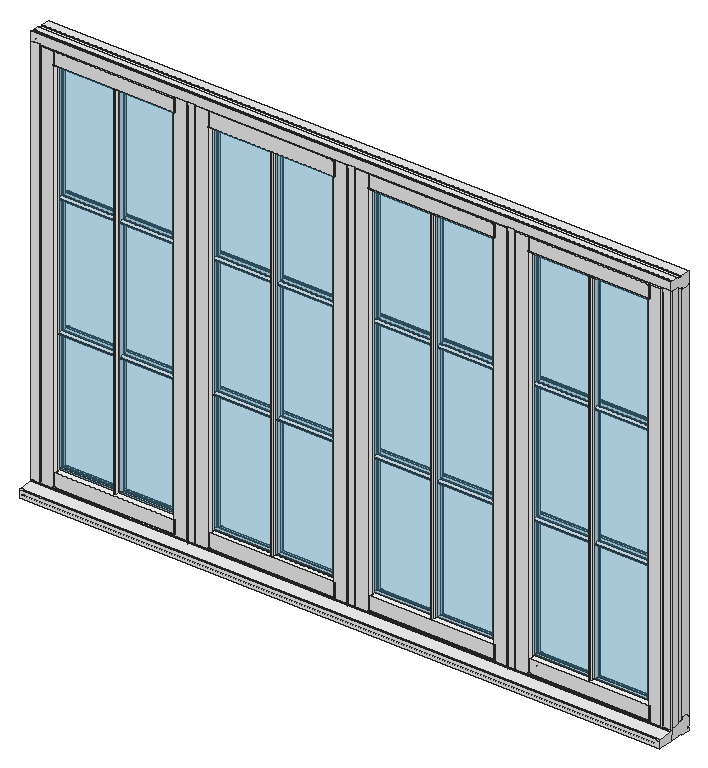
Revit family "C4-6P", category Windows, host Wall, Revit 2012
Parameters
  metal = Matel
  Wood = WindowColor
  Str.Tolrance = 11 mm
  Height = 1770 mm
  Glass = Glass
  Default Sill Height = 914.4 mm
  Wall Closure = By host
  Width = 2752 mm
Reference planes
  plane 1 "Center (Front/Back)": y = 0
  plane 2: z = 0
  plane 3 "Center (Left/Right)": x = 0
  plane 4 "Left": x = -1376
  plane 5 "Right": x = 1376
  plane 6 "Sill": z = 914.4
  plane 7 "Top": z = 2684.4
  plane 8: y = 33.076
  plane 9: z = 2648.4
  plane 10: x = 1336
  plane 11: x = -1336
  plane 12: z = 2644.4
  plane 13: z = 962.4
  plane 14: x = 1278
  plane 15: x = -1278
  plane 16: z = 1024.4
  plane 17: z = 2586.4
  plane 18: z = 2628.4
  plane 19: z = 1545.06
  plane 20: x = 688
  plane 21: x = -688
  plane 22: x = 706
  plane 23: x = 670
  plane 24: x = -706
  plane 25: x = -670
  plane 26: x = 18
  plane 27: x = -18
  plane 28: x = 1021
  plane 29: x = 344
  plane 30: x = -344
  plane 31: x = -1021
  plane 32: z = 2066.4
Forms (mm)
  Sweep 1, solid, material "Matel" <- "metal"
    path origin (0, 0, 0) x (1, 0, 0) y (0, 0, 1)
      loop
        line (1376, 914.4) -> (1376, 2648.4)
    profile origin (1376, 0, 1781.4) x (-1, 0, 0) y (0, -1, 0)
      loop
        line (0, -10) -> (0, -47) -> (43, -47) -> (43, -44)
        arc (43, -44) -> (50.071, -41.071) -> (53, -34) r 10
        line (53, -34) -> (56, -34) -> (56, -18) -> (36, -18) -> (36, -14) -> (44, -14) -> (44, -4) -> (36, -4) -> (36, -1) -> (44, -1) -> (44, 7) -> (36, 7) -> (36, 31.727)
        arc (36, 31.727) -> (34.922, 33.441) -> (33, 34.079) r 3
        line (33, 34.079) -> (33, 41)
        arc (33, 41) -> (34.834, 41.499) -> (36, 43) r 3
        line (36, 43) -> (36, 47) -> (0, 47) -> (0, 42) -> (2, 42)
        arc (2, 42) -> (5, 39) -> (2, 36) r 3
        line (2, 36) -> (0, 36) -> (0, 10) -> (5, 10) -> (5, -10) -> (0, -10)
  Sweep 2, solid, material "Matel" <- "metal"
    path origin (0, 0, 0) x (1, 0, 0) y (0, 0, 1)
      loop
        line (1336, 914.4) -> (1336, 2644.4)
    profile origin (1336, 0, 1779.4) x (-1, 0, 0) y (0, -1, 0)
      loop
        arc (8, -10) -> (8.879, -12.121) -> (11, -13) r 3
        line (11, -13) -> (52, -13) -> (52, 35) -> (68, 35) -> (68, 37) -> (58, 47) -> (3, 47)
        arc (3, 47) -> (0.879, 46.121) -> (0, 44) r 3
        line (0, 44) -> (0, 42)
        arc (0, 42) -> (0.879, 39.879) -> (3, 39) r 3
        line (3, 39) -> (8, 39) -> (8, 28)
        arc (8, 28) -> (8.586, 26.586) -> (10, 26) r 2
        line (10, 26) -> (10, 8)
        arc (10, 8) -> (8.586, 7.414) -> (8, 6) r 2
        line (8, 6) -> (8, -10)
  Sweep 3, solid, material "Matel" <- "metal"
    path origin (0, 0, 0) x (-1, 0, 0) y (0, 0, 1)
      loop
        line (1376, 914.4) -> (1376, 2648.4)
    profile origin (-1376, 0, 1781.4) x (-1, 0, 0) y (0, -1, 0)
      loop
        line (0, -10) -> (-5, -10) -> (-5, 10) -> (0, 10) -> (0, 36) -> (-2, 36)
        arc (-2, 36) -> (-5, 39) -> (-2, 42) r 3
        line (-2, 42) -> (0, 42) -> (0, 47) -> (-36, 47) -> (-36, 43)
        arc (-36, 43) -> (-34.834, 41.499) -> (-33, 41) r 3
        line (-33, 41) -> (-33, 34.079)
        arc (-33, 34.079) -> (-34.922, 33.441) -> (-36, 31.727) r 3
        line (-36, 31.727) -> (-36, 7) -> (-44, 7) -> (-44, -1) -> (-36, -1) -> (-36, -4) -> (-44, -4) -> (-44, -14) -> (-36, -14) -> (-36, -18) -> (-56, -18) -> (-56, -34) -> (-53, -34)
        arc (-53, -34) -> (-50.071, -41.071) -> (-43, -44) r 10
        line (-43, -44) -> (-43, -47) -> (0, -47) -> (0, -10)
  Sweep 4, solid, material "Matel" <- "metal"
    path origin (-2484.788, 0, 2651.344) x (0, 0, 1) y (1, 0, 0)
      loop
        line (33.056, 1108.788) -> (33.056, 3860.788)
    profile origin (0, 0, 2684.4) x (0, 0, 1) y (0, -1, 0)
      loop
        line (0, -10) -> (-5, -10) -> (-5, 10) -> (0, 10) -> (0, 36) -> (-2, 36)
        arc (-2, 36) -> (-5, 39) -> (-2, 42) r 3
        line (-2, 42) -> (0, 42) -> (0, 47) -> (-36, 47) -> (-36, 43)
        arc (-36, 43) -> (-34.834, 41.499) -> (-33, 41) r 3
        line (-33, 41) -> (-33, 34.079)
        arc (-33, 34.079) -> (-34.922, 33.441) -> (-36, 31.727) r 3
        line (-36, 31.727) -> (-36, 7) -> (-44, 7) -> (-44, -1) -> (-36, -1) -> (-36, -4) -> (-44, -4) -> (-44, -14) -> (-36, -14) -> (-36, -18) -> (-56, -18) -> (-56, -34) -> (-53, -34)
        arc (-53, -34) -> (-50.071, -41.071) -> (-43, -44) r 10
        line (-43, -44) -> (-43, -47) -> (0, -47) -> (0, -10)
  Sweep 5, solid, material "Matel" <- "metal"
    path origin (0, 0, 0) x (1, 0, 0) y (0, 0, 1)
      loop
        line (1376, 914.4) -> (-1376, 914.4)
    profile origin (0, 0, 914.4) x (0, 0, -1) y (0, -1, 0)
      loop
        line (-55, -46) -> (-20, -46) -> (-20, -36) -> (-10, -36) -> (-10, -46) -> (0, -46) -> (0, -9) -> (-5, -9) -> (-5, 11) -> (0, 11) -> (0, 37) -> (-2, 37)
        arc (-2, 37) -> (-5, 40) -> (-2, 43) r 3
        line (-2, 43) -> (0, 43) -> (0, 48) -> (-23, 48) -> (-23, 43) -> (-38, 43) -> (-38, 48) -> (-41, 48)
        arc (-41, 48) -> (-42.414, 47.414) -> (-43, 46) r 2
        line (-43, 46) -> (-48, 6) -> (-53, 6) -> (-56, -17) -> (-57, -17) -> (-57, -23) -> (-60, -23) -> (-60, -17) -> (-68, -17) -> (-68, -33) -> (-65, -33)
        arc (-65, -33) -> (-62.071, -40.071) -> (-55, -43) r 10
        line (-55, -43) -> (-55, -46)
  Sweep 6, solid, material "Matel" <- "metal"
    path origin (0, 0, 0) x (1, 0, 0) y (0, 0, 1)
      loop
        line (1376, 914.4) -> (-1376, 914.4)
    profile origin (0, 0, 914.4) x (0, 0, -1) y (0, -1, 0)
      loop
        line (-2, 103) -> (0, 103) -> (0, 108) -> (-28, 108)
        arc (-28, 108) -> (-30.068, 107.174) -> (-30.996, 105.149) r 3
        line (-30.996, 105.149) -> (-38, 48) -> (-38, 43) -> (-23, 43) -> (-23, 48) -> (0, 48) -> (0, 97) -> (-2, 97)
        arc (-2, 97) -> (-5, 100) -> (-2, 103) r 3
  Sweep 7, solid, material "Matel" <- "metal"
    path origin (0, 0, 0) x (1, 0, 0) y (0, 0, 1)
      loop
        line (1284, 957.4) -> (758, 957.4)
    profile origin (1021, 0, 957.4) x (0, 0, -1) y (0, -1, 0)
      loop
        line (-12, -10.5) -> (-12, 5.5)
        arc (-12, 5.5) -> (-12.586, 6.914) -> (-14, 7.5) r 2
        line (-14, 7.5) -> (-14, 25.5)
        arc (-14, 25.5) -> (-12.586, 26.086) -> (-12, 27.5) r 2
        line (-12, 27.5) -> (-12, 38.5) -> (-3, 38.5)
        arc (-3, 38.5) -> (-0.879, 39.379) -> (0, 41.5) r 3
        line (0, 41.5) -> (0, 43.5)
        arc (0, 43.5) -> (-0.879, 45.621) -> (-3, 46.5) r 3
        line (-3, 46.5) -> (-62, 46.5) -> (-72, 36.5) -> (-72, 34.5) -> (-56, 34.5) -> (-56, -13.5) -> (-15, -13.5)
        arc (-15, -13.5) -> (-12.879, -12.621) -> (-12, -10.5) r 3
  Sweep 8, solid, material "Matel" <- "metal"
    path origin (0, 0, 0) x (1, 0, 0) y (0, 0, 1)
      loop
        line (1278, 2586.4) -> (764, 2586.4) -> (764, 1019.4) -> (1278, 1019.4) -> (1278, 2586.4)
    profile origin (1021, 0, 2586.4) x (0, 0, -1) y (0, -1, 0)
      loop
        line (-1, -10) -> (-1, -7)
        arc (-1, -7) -> (4.657, -4.657) -> (7, 1) r 8
        line (7, 1) -> (10, 1) -> (10, 5) -> (6, 6) -> (6, 9) -> (-6, 9) -> (-6, -10) -> (-1, -10)
  Sweep 9, solid
    path origin (0, 0, 0) x (1, 0, 0) y (0, 0, 1)
      loop
        line (-764, 2586.4) -> (-1278, 2586.4) -> (-1278, 1024.4) -> (-764, 1024.4) -> (-764, 2586.4)
    profile origin (-1021, 0, 2586.4) x (0, 0, -1) y (0, -1, 0)
      loop
        line (-6, 13.165) -> (4, 13.165) -> (4, 29.165) -> (-6, 29.165) -> (-6, 13.165)
  Extrusion 10, solid, material "Glass" <- "Glass"
    sketch origin (0, 0, 0) x (1, 0, 0) y (0, 0, 1)
      loop
        line (1278, 2586.4) -> (764, 2586.4) -> (764, 1024.4) -> (1278, 1024.4) -> (1278, 2586.4)
      loop
        line (76, 2586.4) -> (76, 1024.4) -> (612, 1024.4) -> (612, 2586.4) -> (76, 2586.4)
      loop
        line (-1284, 2586.4) -> (-1284, 1024.4) -> (-758, 1024.4) -> (-758, 2586.4) -> (-1284, 2586.4)
      loop
        line (-76, 2586.4) -> (-618, 2586.4) -> (-618, 1024.4) -> (-76, 1024.4) -> (-76, 2586.4)
    from 29.165 to 33.165
  Extrusion 11, solid, material "Glass" <- "Glass"
    sketch origin (0, -51.875, 0) x (1, 0, 0) y (0, 0, -1)
      loop
        line (1278, -2586.4) -> (1278, -1024.4) -> (758, -1024.4) -> (758, -2586.4) -> (1278, -2586.4)
      loop
        line (76, -2586.4) -> (612, -2586.4) -> (612, -1025.4) -> (76, -1025.4) -> (76, -2586.4)
      loop
        line (-1278, -2586.4) -> (-764, -2586.4) -> (-764, -1013.4) -> (-1278, -1013.4) -> (-1278, -2586.4)
      loop
        line (-76, -2586.4) -> (-76, -1025.4) -> (-612, -1025.4) -> (-612, -2586.4) -> (-76, -2586.4)
    from 38.875 to 42.875
  Sweep 12, void
    path origin (0, 0, 0) x (1, 0, 0) y (0, 1, 0)
      loop
        line (-1376, 0) -> (1376, 0)
    profile origin (0, 0, 0) x (0, 1, 0) y (0, 0, 1)
      loop
        line (46, 969.4) -> (43, 969.4)
        arc (43, 969.4) -> (40.071, 976.471) -> (33, 979.4) r 10
        line (33, 979.4) -> (33, 982.4) -> (17, 982.4) -> (17, 974.4) -> (23, 974.4) -> (23, 971.4) -> (17, 971.4) -> (17, 970.4) -> (-6, 967.4) -> (-6, 962.4) -> (-46, 957.4)
        arc (-46, 957.4) -> (-47.414, 956.814) -> (-48, 955.4) r 2
        line (-48, 955.4) -> (-48, 952.4) -> (-80.364, 948.378) -> (-105.37, 945.377) -> (-130.37, 942.377)
        arc (-130.37, 942.377) -> (-132.248, 941.386) -> (-133, 939.4) r 3
        line (-133, 939.4) -> (-133, 909.4) -> (57, 909.4) -> (57, 969.4) -> (46, 969.4)
  Sweep 13, void
    path origin (0, 0, 0) x (1, 0, 0) y (0, 1, 0)
      loop
        line (-1376, 0) -> (1376, 0)
    profile origin (0, 0, 0) x (0, 1, 0) y (0, 0, 1)
      loop
        line (47, 2641.4) -> (57, 2641.4) -> (57, 2691.4) -> (-58, 2691.4) -> (-58, 2648.4) -> (-47, 2648.4) -> (-43, 2648.4)
        arc (-43, 2648.4) -> (-41.499, 2649.566) -> (-41, 2651.4) r 3
        line (-41, 2651.4) -> (-34.079, 2651.4)
        arc (-34.079, 2651.4) -> (-33.441, 2649.478) -> (-31.727, 2648.4) r 3
        line (-31.727, 2648.4) -> (-7, 2648.4) -> (-7, 2640.4) -> (1, 2640.4) -> (1, 2648.4) -> (4, 2648.4) -> (4, 2640.4) -> (14, 2640.4) -> (14, 2648.4) -> (18, 2648.4) -> (18, 2628.4) -> (34, 2628.4) -> (34, 2631.4)
        arc (34, 2631.4) -> (41.071, 2634.329) -> (44, 2641.4) r 10
        line (44, 2641.4) -> (47, 2641.4)
  Sweep 14, solid, material "Matel" <- "metal"
    path origin (0, 0, 0) x (1, 0, 0) y (0, 0, 1)
      loop
        line (1278, 1545.06) -> (-1278, 1545.06)
    profile origin (0, 0, 1545.06) x (0, 0, -1) y (0, -1, 0)
      loop
        line (10, -10.711) -> (-10, -10.711) -> (-10, -16.711) -> (-8, -16.711) -> (-8, -19.211)
        arc (-8, -19.211) -> (-6.294, -23.727) -> (-2.5, -26.711) r 9
        line (-2.5, -26.711) -> (-2.5, -28.711) -> (2.5, -28.711) -> (2.5, -26.711)
        arc (2.5, -26.711) -> (6.294, -23.727) -> (8, -19.211) r 9
        line (8, -19.211) -> (8, -16.711) -> (10, -16.711) -> (10, -10.711)
      loop
        line (10, 18.378) -> (2.551, 26.532) -> (2.551, 28.532) -> (-2.449, 28.532) -> (-2.449, 26.532) -> (-10, 15.578) -> (10, 15.578) -> (10, 18.378)
  Sweep 15, solid, material "Matel" <- "metal"
    path origin (0, 0, 0) x (1, 0, 0) y (0, 0, 1)
      loop
        line (1278, 1545.06) -> (-1278, 1545.06)
    profile origin (0, 0, 1545.06) x (0, 0, -1) y (0, -1, 0)
      loop
        line (10, -5.465) -> (10, 10.535) -> (-10, 10.535) -> (-10, -5.465) -> (10, -5.465)
  Sweep 16, solid, material "Matel" <- "metal"
    path origin (0, 0, 0) x (1, 0, 0) y (0, 0, 1)
      loop
        line (688, 2648.4) -> (688, 952.4)
    profile origin (688, 0, 1800.4) x (0, -1, 0) y (1, 0, 0)
      loop
        line (43, -14) -> (47, -14) -> (47, 14) -> (43, 14)
        arc (43, 14) -> (41.586, 13.414) -> (41, 12) r 2
        line (41, 12) -> (41, 11) -> (34, 11) -> (34, 12)
        arc (34, 12) -> (33.414, 13.414) -> (32, 14) r 2
        line (32, 14) -> (7, 14) -> (7, 20) -> (-1, 20) -> (-1, 14) -> (-4, 14) -> (-4, 22) -> (-14, 22) -> (-14, 14) -> (-18, 14) -> (-18, 34) -> (-34, 34) -> (-34, 31)
        arc (-34, 31) -> (-41.071, 28.071) -> (-44, 21) r 10
        line (-44, 21) -> (-47, 21) -> (-47, -21) -> (-44, -21)
        arc (-44, -21) -> (-41.071, -28.071) -> (-34, -31) r 10
        line (-34, -31) -> (-34, -34) -> (-18, -34) -> (-18, -14) -> (-14, -14) -> (-14, -22) -> (-4, -22) -> (-4, -14) -> (-1, -14) -> (-1, -20) -> (7, -20) -> (7, -14) -> (32, -14)
        arc (32, -14) -> (33.414, -13.414) -> (34, -12) r 2
        line (34, -12) -> (34, -11) -> (41, -11) -> (41, -12)
        arc (41, -12) -> (41.586, -13.414) -> (43, -14) r 2
  Sweep 17, solid, material "Matel" <- "metal"
    path origin (0, 0, 0) x (-1, 0, 0) y (0, 0, 1)
      loop
        line (688, 2648.4) -> (688, 952.4)
    profile origin (-688, 0, 1800.4) x (0, -1, 0) y (1, 0, 0)
      loop
        arc (43, 14) -> (41.586, 13.414) -> (41, 12) r 2
        line (41, 12) -> (41, 11) -> (34, 11) -> (34, 12)
        arc (34, 12) -> (33.414, 13.414) -> (32, 14) r 2
        line (32, 14) -> (7, 14) -> (7, 20) -> (-1, 20) -> (-1, 14) -> (-4, 14) -> (-4, 22) -> (-14, 22) -> (-14, 14) -> (-18, 14) -> (-18, 34) -> (-34, 34) -> (-34, 31)
        arc (-34, 31) -> (-41.071, 28.071) -> (-44, 21) r 10
        line (-44, 21) -> (-47, 21) -> (-47, -21) -> (-44, -21)
        arc (-44, -21) -> (-41.071, -28.071) -> (-34, -31) r 10
        line (-34, -31) -> (-34, -34) -> (-18, -34) -> (-18, -14) -> (-14, -14) -> (-14, -22) -> (-4, -22) -> (-4, -14) -> (-1, -14) -> (-1, -20) -> (7, -20) -> (7, -14) -> (32, -14)
        arc (32, -14) -> (33.414, -13.414) -> (34, -12) r 2
        line (34, -12) -> (34, -11) -> (41, -11) -> (41, -12)
        arc (41, -12) -> (41.586, -13.414) -> (43, -14) r 2
        line (43, -14) -> (47, -14) -> (47, 14) -> (43, 14)
  Sweep 18, solid, material "Matel" <- "metal"
    path origin (680, 0, 0) x (-1, 0, 0) y (0, 0, 1)
      loop
        line (680, 2648.4) -> (680, 952.4)
    profile origin (0, 0, 1800.4) x (0, -1, 0) y (1, 0, 0)
      loop
        arc (43, 14) -> (41.586, 13.414) -> (41, 12) r 2
        line (41, 12) -> (41, 11) -> (34, 11) -> (34, 12)
        arc (34, 12) -> (33.414, 13.414) -> (32, 14) r 2
        line (32, 14) -> (7, 14) -> (7, 20) -> (-1, 20) -> (-1, 14) -> (-4, 14) -> (-4, 22) -> (-14, 22) -> (-14, 14) -> (-18, 14) -> (-18, 34) -> (-34, 34) -> (-34, 31)
        arc (-34, 31) -> (-41.071, 28.071) -> (-44, 21) r 10
        line (-44, 21) -> (-47, 21) -> (-47, -21) -> (-44, -21)
        arc (-44, -21) -> (-41.071, -28.071) -> (-34, -31) r 10
        line (-34, -31) -> (-34, -34) -> (-18, -34) -> (-18, -14) -> (-14, -14) -> (-14, -22) -> (-4, -22) -> (-4, -14) -> (-1, -14) -> (-1, -20) -> (7, -20) -> (7, -14) -> (32, -14)
        arc (32, -14) -> (33.414, -13.414) -> (34, -12) r 2
        line (34, -12) -> (34, -11) -> (41, -11) -> (41, -12)
        arc (41, -12) -> (41.586, -13.414) -> (43, -14) r 2
        line (43, -14) -> (47, -14) -> (47, 14) -> (43, 14)
  Sweep 19, solid, material "Matel" <- "metal"
    path origin (1376, 0, 0) x (-1, 0, 0) y (0, 0, 1)
      loop
        line (1358, 914.4) -> (1358, 2644.4)
    profile origin (18, 0, 1779.4) x (-1, 0, 0) y (0, -1, 0)
      loop
        line (-8, -10) -> (-8, 6)
        arc (-8, 6) -> (-8.586, 7.414) -> (-10, 8) r 2
        line (-10, 8) -> (-10, 26)
        arc (-10, 26) -> (-8.586, 26.586) -> (-8, 28) r 2
        line (-8, 28) -> (-8, 39) -> (-3, 39)
        arc (-3, 39) -> (-0.879, 39.879) -> (0, 42) r 3
        line (0, 42) -> (0, 44)
        arc (0, 44) -> (-0.879, 46.121) -> (-3, 47) r 3
        line (-3, 47) -> (-58, 47) -> (-68, 37) -> (-68, 35) -> (-52, 35) -> (-52, -13) -> (-11, -13)
        arc (-11, -13) -> (-8.879, -12.121) -> (-8, -10) r 3
  Sweep 20, solid, material "Matel" <- "metal"
    path origin (-1376, 0, 0) x (1, 0, 0) y (0, 0, 1)
      loop
        line (1358, 914.4) -> (1358, 2644.4)
    profile origin (-18, 0, 1779.4) x (-1, 0, 0) y (0, -1, 0)
      loop
        arc (8, -10) -> (8.879, -12.121) -> (11, -13) r 3
        line (11, -13) -> (52, -13) -> (52, 35) -> (68, 35) -> (68, 37) -> (58, 47) -> (3, 47)
        arc (3, 47) -> (0.879, 46.121) -> (0, 44) r 3
        line (0, 44) -> (0, 42)
        arc (0, 42) -> (0.879, 39.879) -> (3, 39) r 3
        line (3, 39) -> (8, 39) -> (8, 28)
        arc (8, 28) -> (8.586, 26.586) -> (10, 26) r 2
        line (10, 26) -> (10, 8)
        arc (10, 8) -> (8.586, 7.414) -> (8, 6) r 2
        line (8, 6) -> (8, -10)
  Sweep 21, solid, material "Matel" <- "metal"
    path origin (0, 0, 0) x (-1, 0, 0) y (0, 0, 1)
      loop
        line (1336, 914.4) -> (1336, 2644.4)
    profile origin (-1336, 0, 1779.4) x (-1, 0, 0) y (0, -1, 0)
      loop
        line (-8, -10) -> (-8, 6)
        arc (-8, 6) -> (-8.586, 7.414) -> (-10, 8) r 2
        line (-10, 8) -> (-10, 26)
        arc (-10, 26) -> (-8.586, 26.586) -> (-8, 28) r 2
        line (-8, 28) -> (-8, 39) -> (-3, 39)
        arc (-3, 39) -> (-0.879, 39.879) -> (0, 42) r 3
        line (0, 42) -> (0, 44)
        arc (0, 44) -> (-0.879, 46.121) -> (-3, 47) r 3
        line (-3, 47) -> (-58, 47) -> (-68, 37) -> (-68, 35) -> (-52, 35) -> (-52, -13) -> (-11, -13)
        arc (-11, -13) -> (-8.879, -12.121) -> (-8, -10) r 3
  Sweep 22, solid, material "Matel" <- "metal"
    path origin (1376, 0, 0) x (-1, 0, 0) y (0, 0, 1)
      loop
        line (1306, 957.4) -> (758, 957.4)
    profile origin (344, 0, 957.4) x (0, 0, 1) y (0, -1, 0)
      loop
        arc (12, -10.5) -> (12.879, -12.621) -> (15, -13.5) r 3
        line (15, -13.5) -> (56, -13.5) -> (56, 34.5) -> (72, 34.5) -> (72, 36.5) -> (62, 46.5) -> (3, 46.5)
        arc (3, 46.5) -> (0.879, 45.621) -> (0, 43.5) r 3
        line (0, 43.5) -> (0, 41.5)
        arc (0, 41.5) -> (0.879, 39.379) -> (3, 38.5) r 3
        line (3, 38.5) -> (12, 38.5) -> (12, 27.5)
        arc (12, 27.5) -> (12.586, 26.086) -> (14, 25.5) r 2
        line (14, 25.5) -> (14, 7.5)
        arc (14, 7.5) -> (12.586, 6.914) -> (12, 5.5) r 2
        line (12, 5.5) -> (12, -10.5)
  Sweep 23, solid, material "Matel" <- "metal"
    path origin (0, 0, 0) x (-1, 0, 0) y (0, 0, 1)
      loop
        line (1284, 957.4) -> (758, 957.4)
    profile origin (-1021, 0, 957.4) x (0, 0, 1) y (0, -1, 0)
      loop
        arc (12, -10.5) -> (12.879, -12.621) -> (15, -13.5) r 3
        line (15, -13.5) -> (56, -13.5) -> (56, 34.5) -> (72, 34.5) -> (72, 36.5) -> (62, 46.5) -> (3, 46.5)
        arc (3, 46.5) -> (0.879, 45.621) -> (0, 43.5) r 3
        line (0, 43.5) -> (0, 41.5)
        arc (0, 41.5) -> (0.879, 39.379) -> (3, 38.5) r 3
        line (3, 38.5) -> (12, 38.5) -> (12, 27.5)
        arc (12, 27.5) -> (12.586, 26.086) -> (14, 25.5) r 2
        line (14, 25.5) -> (14, 7.5)
        arc (14, 7.5) -> (12.586, 6.914) -> (12, 5.5) r 2
        line (12, 5.5) -> (12, -10.5)
  Sweep 24, solid, material "Matel" <- "metal"
    path origin (-1376, 0, 0) x (1, 0, 0) y (0, 0, 1)
      loop
        line (1306, 957.4) -> (758, 957.4)
    profile origin (-344, 0, 957.4) x (0, 0, -1) y (0, -1, 0)
      loop
        line (-12, -10.5) -> (-12, 5.5)
        arc (-12, 5.5) -> (-12.586, 6.914) -> (-14, 7.5) r 2
        line (-14, 7.5) -> (-14, 25.5)
        arc (-14, 25.5) -> (-12.586, 26.086) -> (-12, 27.5) r 2
        line (-12, 27.5) -> (-12, 38.5) -> (-3, 38.5)
        arc (-3, 38.5) -> (-0.879, 39.379) -> (0, 41.5) r 3
        line (0, 41.5) -> (0, 43.5)
        arc (0, 43.5) -> (-0.879, 45.621) -> (-3, 46.5) r 3
        line (-3, 46.5) -> (-62, 46.5) -> (-72, 36.5) -> (-72, 34.5) -> (-56, 34.5) -> (-56, -13.5) -> (-15, -13.5)
        arc (-15, -13.5) -> (-12.879, -12.621) -> (-12, -10.5) r 3
  Sweep 25, solid, material "Matel" <- "metal"
    path origin (-688, 0, 0) x (1, 0, 0) y (0, 0, 1)
      loop
        line (1300, 2586.4) -> (764, 2586.4) -> (764, 1019.4) -> (1300, 1019.4) -> (1300, 2586.4)
    profile origin (344, 0, 2586.4) x (0, 0, -1) y (0, -1, 0)
      loop
        line (-1, -10) -> (-1, -7)
        arc (-1, -7) -> (4.657, -4.657) -> (7, 1) r 8
        line (7, 1) -> (10, 1) -> (10, 5) -> (6, 6) -> (6, 9) -> (-6, 9) -> (-6, -10) -> (-1, -10)
  Sweep 26, solid, material "Matel" <- "metal"
    path origin (-1376, 0, 0) x (1, 0, 0) y (0, 0, 1)
      loop
        line (1300, 2586.4) -> (764, 2586.4) -> (764, 1019.4) -> (1300, 1019.4) -> (1300, 2586.4)
    profile origin (-344, 0, 2586.4) x (0, 0, -1) y (0, -1, 0)
      loop
        line (-1, -10) -> (-1, -7)
        arc (-1, -7) -> (4.657, -4.657) -> (7, 1) r 8
        line (7, 1) -> (10, 1) -> (10, 5) -> (6, 6) -> (6, 9) -> (-6, 9) -> (-6, -10) -> (-1, -10)
  Sweep 27, solid, material "Matel" <- "metal"
    path origin (-2042, 0, 0) x (1, 0, 0) y (0, 0, 1)
      loop
        line (1278, 2586.4) -> (764, 2586.4) -> (764, 1019.4) -> (1278, 1019.4) -> (1278, 2586.4)
    profile origin (-1021, 0, 2586.4) x (0, 0, -1) y (0, -1, 0)
      loop
        line (-1, -10) -> (-1, -7)
        arc (-1, -7) -> (4.657, -4.657) -> (7, 1) r 8
        line (7, 1) -> (10, 1) -> (10, 5) -> (6, 6) -> (6, 9) -> (-6, 9) -> (-6, -10) -> (-1, -10)
  Sweep 28, solid
    path origin (-1376, 0, 0) x (-1, 0, 0) y (0, 0, 1)
      loop
        line (-764, 2586.4) -> (-1300, 2586.4) -> (-1300, 1024.4) -> (-764, 1024.4) -> (-764, 2586.4)
    profile origin (-344, 0, 2586.4) x (0, 0, 1) y (0, -1, 0)
      loop
        line (6, 13.165) -> (6, 29.165) -> (-4, 29.165) -> (-4, 13.165) -> (6, 13.165)
  Sweep 29, solid
    path origin (-688, -0.022, 0) x (-1, 0, 0) y (0, 0, 1)
      loop
        line (-764, 2586.4) -> (-1300, 2586.4) -> (-1300, 1024.4) -> (-764, 1024.4) -> (-764, 2586.4)
    profile origin (344, -0.022, 2586.4) x (0, 0, 1) y (0, -1, 0)
      loop
        line (6, 13.165) -> (6, 29.165) -> (-4, 29.165) -> (-4, 13.165) -> (6, 13.165)
  Sweep 30, solid
    path origin (0, 0, 0) x (-1, 0, 0) y (0, 0, 1)
      loop
        line (-764, 2586.4) -> (-1278, 2586.4) -> (-1278, 1024.4) -> (-764, 1024.4) -> (-764, 2586.4)
    profile origin (1021, 0, 2586.4) x (0, 0, 1) y (0, -1, 0)
      loop
        line (6, 13.165) -> (6, 29.165) -> (-4, 29.165) -> (-4, 13.165) -> (6, 13.165)
  Sweep 31, solid, material "Matel" <- "metal", detail levels fine
    path origin (-3064.076, 0, 1202.24) x (0, 0, 1) y (-1, 0, 0)
      loop
        line (1384.16, -4085.076) -> (-177.84, -4085.076)
    profile origin (1021, 0, 1805.4) x (0, -1, 0) y (1, 0, 0)
      loop
        line (5.539, 10) -> (-0.461, 10) -> (-0.461, 8) -> (-2.961, 8)
        arc (-2.961, 8) -> (-7.477, 6.294) -> (-10.461, 2.5) r 9
        line (-10.461, 2.5) -> (-12.461, 2.5) -> (-12.461, -2.5) -> (-10.461, -2.5)
        arc (-10.461, -2.5) -> (-7.477, -6.294) -> (-2.961, -8) r 9
        line (-2.961, -8) -> (-0.461, -8) -> (-0.461, -10) -> (5.539, -10) -> (5.539, 10)
      loop
        line (34.628, 10) -> (31.828, 10) -> (31.828, -10) -> (42.782, -2.449) -> (44.782, -2.449) -> (44.782, 2.551) -> (42.782, 2.551) -> (34.628, 10)
  Sweep 32, solid, material "Matel" <- "metal", detail levels fine
    path origin (-7999.4, 0, 1799.4) x (0, 0, -1) y (1, 0, 0)
      loop
        line (775, 9020.4) -> (-787, 9020.4)
    profile origin (1021, 0, 1805.4) x (-1, 0, 0) y (0, -1, 0)
      loop
        line (10, 11.41) -> (10, 27.41) -> (-10, 27.41) -> (-10, 11.41) -> (10, 11.41)
  Sweep 33, solid, material "Matel" <- "metal", detail levels fine
    path origin (-7143.981, 0, 1775.633) x (0, 0, 1) y (-1, 0, 0)
      loop
        line (810.767, -7487.981) -> (-751.233, -7487.981)
    profile origin (344, 0, 1805.4) x (0, -1, 0) y (1, 0, 0)
      loop
        line (5.539, 10) -> (-0.461, 10) -> (-0.461, 8) -> (-2.961, 8)
        arc (-2.961, 8) -> (-7.477, 6.294) -> (-10.461, 2.5) r 9
        line (-10.461, 2.5) -> (-12.461, 2.5) -> (-12.461, -2.5) -> (-10.461, -2.5)
        arc (-10.461, -2.5) -> (-7.477, -6.294) -> (-2.961, -8) r 9
        line (-2.961, -8) -> (-0.461, -8) -> (-0.461, -10) -> (5.539, -10) -> (5.539, 10)
      loop
        line (34.628, 10) -> (31.828, 10) -> (31.828, -10) -> (42.782, -2.449) -> (44.782, -2.449) -> (44.782, 2.551) -> (42.782, 2.551) -> (34.628, 10)
  Sweep 34, solid, material "Matel" <- "metal", detail levels fine
    path origin (-8674.4, 0, 1799.4) x (0, 0, -1) y (1, 0, 0)
      loop
        line (775, 9018.4) -> (-787, 9018.4)
    profile origin (344, 0, 1805.4) x (-1, 0, 0) y (0, -1, 0)
      loop
        line (10, 11.41) -> (10, 27.41) -> (-10, 27.41) -> (-10, 11.41) -> (10, 11.41)
  Sweep 35, solid, material "Matel" <- "metal", detail levels fine
    path origin (-7821.981, 0, 1720.633) x (0, 0, 1) y (-1, 0, 0)
      loop
        line (865.767, -7477.981) -> (-696.233, -7477.981)
    profile origin (-344, 0, 1805.4) x (0, -1, 0) y (1, 0, 0)
      loop
        line (5.539, 10) -> (-0.461, 10) -> (-0.461, 8) -> (-2.961, 8)
        arc (-2.961, 8) -> (-7.477, 6.294) -> (-10.461, 2.5) r 9
        line (-10.461, 2.5) -> (-12.461, 2.5) -> (-12.461, -2.5) -> (-10.461, -2.5)
        arc (-10.461, -2.5) -> (-7.477, -6.294) -> (-2.961, -8) r 9
        line (-2.961, -8) -> (-0.461, -8) -> (-0.461, -10) -> (5.539, -10) -> (5.539, 10)
      loop
        line (34.628, 10) -> (31.828, 10) -> (31.828, -10) -> (42.782, -2.449) -> (44.782, -2.449) -> (44.782, 2.551) -> (42.782, 2.551) -> (34.628, 10)
  Sweep 36, solid, material "Matel" <- "metal", detail levels fine
    path origin (-9362.4, 0, 2036.297) x (0, 0, -1) y (1, 0, 0)
      loop
        line (1011.897, 9018.4) -> (-550.103, 9018.4)
    profile origin (-344, 0, 1805.4) x (-1, 0, 0) y (0, -1, 0)
      loop
        line (10, 11.41) -> (10, 27.41) -> (-10, 27.41) -> (-10, 11.41) -> (10, 11.41)
  Sweep 37, solid, material "Matel" <- "metal", detail levels fine
    path origin (-10680.238, 0, 1820.446) x (0, 0, 1) y (-1, 0, 0)
      loop
        line (765.954, -9659.238) -> (-796.046, -9659.238)
    profile origin (-1021, 0, 1805.4) x (0, -1, 0) y (1, 0, 0)
      loop
        line (5.539, 10) -> (-0.461, 10) -> (-0.461, 8) -> (-2.961, 8)
        arc (-2.961, 8) -> (-7.477, 6.294) -> (-10.461, 2.5) r 9
        line (-10.461, 2.5) -> (-12.461, 2.5) -> (-12.461, -2.5) -> (-10.461, -2.5)
        arc (-10.461, -2.5) -> (-7.477, -6.294) -> (-2.961, -8) r 9
        line (-2.961, -8) -> (-0.461, -8) -> (-0.461, -10) -> (5.539, -10) -> (5.539, 10)
      loop
        line (34.628, 10) -> (31.828, 10) -> (31.828, -10) -> (42.782, -2.449) -> (44.782, -2.449) -> (44.782, 2.551) -> (42.782, 2.551) -> (34.628, 10)
  Sweep 38, solid, material "Matel" <- "metal", detail levels fine
    path origin (-9982.4, 0, 2036.297) x (0, 0, -1) y (1, 0, 0)
      loop
        line (1011.897, 8961.4) -> (-550.103, 8961.4)
    profile origin (-1021, 0, 1805.4) x (-1, 0, 0) y (0, -1, 0)
      loop
        line (10, 11.41) -> (10, 27.41) -> (-10, 27.41) -> (-10, 11.41) -> (10, 11.41)
  Sweep 39, solid, material "Matel" <- "metal"
    path origin (688, 0, 0) x (-1, 0, 0) y (0, 0, 1)
      loop
        line (1358, 914.4) -> (1358, 2644.4)
    profile origin (-670, 0, 1779.4) x (-1, 0, 0) y (0, -1, 0)
      loop
        line (-8, -10) -> (-8, 6)
        arc (-8, 6) -> (-8.586, 7.414) -> (-10, 8) r 2
        line (-10, 8) -> (-10, 26)
        arc (-10, 26) -> (-8.586, 26.586) -> (-8, 28) r 2
        line (-8, 28) -> (-8, 39) -> (-3, 39)
        arc (-3, 39) -> (-0.879, 39.879) -> (0, 42) r 3
        line (0, 42) -> (0, 44)
        arc (0, 44) -> (-0.879, 46.121) -> (-3, 47) r 3
        line (-3, 47) -> (-58, 47) -> (-68, 37) -> (-68, 35) -> (-52, 35) -> (-52, -13) -> (-11, -13)
        arc (-11, -13) -> (-8.879, -12.121) -> (-8, -10) r 3
  Sweep 40, solid, material "Matel" <- "metal"
    path origin (-1376, 0, 4118.005) x (1, 0, 0) y (0, 0, -1)
      loop
        line (1306, 1473.605) -> (758, 1473.605)
    profile origin (-344, 0, 2644.4) x (0, 0, -1) y (0, -1, 0)
      loop
        arc (12, -10.5) -> (12.879, -12.621) -> (15, -13.5) r 3
        line (15, -13.5) -> (56, -13.5) -> (56, 34.5) -> (72, 34.5) -> (72, 36.5) -> (62, 46.5) -> (3, 46.5)
        arc (3, 46.5) -> (0.879, 45.621) -> (0, 43.5) r 3
        line (0, 43.5) -> (0, 41.5)
        arc (0, 41.5) -> (0.879, 39.379) -> (3, 38.5) r 3
        line (3, 38.5) -> (12, 38.5) -> (12, 27.5)
        arc (12, 27.5) -> (12.586, 26.086) -> (14, 25.5) r 2
        line (14, 25.5) -> (14, 7.5)
        arc (14, 7.5) -> (12.586, 6.914) -> (12, 5.5) r 2
        line (12, 5.5) -> (12, -10.5)
  Sweep 41, solid, material "Matel" <- "metal"
    path origin (0, 0, 3770.12) x (1, 0, 0) y (0, 0, -1)
      loop
        line (1278, 1703.72) -> (-1278, 1703.72)
    profile origin (0, 0, 2066.4) x (0, 0, -1) y (0, -1, 0)
      loop
        line (-10, -10.711) -> (-10, -16.711) -> (-8, -16.711) -> (-8, -19.211)
        arc (-8, -19.211) -> (-6.294, -23.727) -> (-2.5, -26.711) r 9
        line (-2.5, -26.711) -> (-2.5, -28.711) -> (2.5, -28.711) -> (2.5, -26.711)
        arc (2.5, -26.711) -> (6.294, -23.727) -> (8, -19.211) r 9
        line (8, -19.211) -> (8, -16.711) -> (10, -16.711) -> (10, -10.711) -> (-10, -10.711)
      loop
        line (-10, 18.378) -> (-10, 15.578) -> (10, 15.578) -> (2.449, 26.532) -> (2.449, 28.532) -> (-2.551, 28.532) -> (-2.551, 26.532) -> (-10, 18.378)
  Sweep 42, solid, material "Matel" <- "metal"
    path origin (0, 0, 3770.12) x (1, 0, 0) y (0, 0, -1)
      loop
        line (1278, 1703.72) -> (-1278, 1703.72)
    profile origin (0, 0, 2066.4) x (0, 0, -1) y (0, -1, 0)
      loop
        line (-10, -5.465) -> (10, -5.465) -> (10, 10.535) -> (-10, 10.535) -> (-10, -5.465)
  Sweep 43, solid, material "Matel" <- "metal"
    path origin (2042, 0, 0) x (-1, 0, 0) y (0, 0, 1)
      loop
        line (1336, 914.4) -> (1336, 2644.4)
    profile origin (706, 0, 1779.4) x (-1, 0, 0) y (0, -1, 0)
      loop
        line (-8, -10) -> (-8, 6)
        arc (-8, 6) -> (-8.586, 7.414) -> (-10, 8) r 2
        line (-10, 8) -> (-10, 26)
        arc (-10, 26) -> (-8.586, 26.586) -> (-8, 28) r 2
        line (-8, 28) -> (-8, 39) -> (-3, 39)
        arc (-3, 39) -> (-0.879, 39.879) -> (0, 42) r 3
        line (0, 42) -> (0, 44)
        arc (0, 44) -> (-0.879, 46.121) -> (-3, 47) r 3
        line (-3, 47) -> (-58, 47) -> (-68, 37) -> (-68, 35) -> (-52, 35) -> (-52, -13) -> (-11, -13)
        arc (-11, -13) -> (-8.879, -12.121) -> (-8, -10) r 3
  Sweep 44, solid, material "Matel" <- "metal"
    path origin (2913.925, 0, 3673.015) x (0, 0, 1) y (-1, 0, 0)
      loop
        line (-1028.615, 1629.925) -> (-1028.615, 2155.925)
    profile origin (1021, 0, 2644.4) x (0, 0, -1) y (0, -1, 0)
      loop
        arc (8, -10.5) -> (8.879, -12.621) -> (11, -13.5) r 3
        line (11, -13.5) -> (52, -13.5) -> (52, 34.5) -> (68, 34.5) -> (68, 36.5) -> (58, 46.5) -> (3, 46.5)
        arc (3, 46.5) -> (0.879, 45.621) -> (0, 43.5) r 3
        line (0, 43.5) -> (0, 41.5)
        arc (0, 41.5) -> (0.879, 39.379) -> (3, 38.5) r 3
        line (3, 38.5) -> (8, 38.5) -> (8, 27.5)
        arc (8, 27.5) -> (8.586, 26.086) -> (10, 25.5) r 2
        line (10, 25.5) -> (10, 7.5)
        arc (10, 7.5) -> (8.586, 6.914) -> (8, 5.5) r 2
        line (8, 5.5) -> (8, -10.5)
  Sweep 45, solid, material "Matel" <- "metal"
    path origin (-688, 0, 0) x (1, 0, 0) y (0, 0, 1)
      loop
        line (1358, 914.4) -> (1358, 2644.4)
    profile origin (670, 0, 1779.4) x (-1, 0, 0) y (0, -1, 0)
      loop
        arc (8, -10) -> (8.879, -12.121) -> (11, -13) r 3
        line (11, -13) -> (52, -13) -> (52, 35) -> (68, 35) -> (68, 37) -> (58, 47) -> (3, 47)
        arc (3, 47) -> (0.879, 46.121) -> (0, 44) r 3
        line (0, 44) -> (0, 42)
        arc (0, 42) -> (0.879, 39.879) -> (3, 39) r 3
        line (3, 39) -> (8, 39) -> (8, 28)
        arc (8, 28) -> (8.586, 26.586) -> (10, 26) r 2
        line (10, 26) -> (10, 8)
        arc (10, 8) -> (8.586, 7.414) -> (8, 6) r 2
        line (8, 6) -> (8, -10)
  Sweep 46, solid, material "Matel" <- "metal"
    path origin (2235.859, 0, 2507.561) x (0, 0, 1) y (-1, 0, 0)
      loop
        line (136.839, 1617.859) -> (136.839, 2165.859)
    profile origin (344, 0, 2644.4) x (0, 0, -1) y (0, -1, 0)
      loop
        arc (8, -10.5) -> (8.879, -12.621) -> (11, -13.5) r 3
        line (11, -13.5) -> (52, -13.5) -> (52, 34.5) -> (68, 34.5) -> (68, 36.5) -> (58, 46.5) -> (3, 46.5)
        arc (3, 46.5) -> (0.879, 45.621) -> (0, 43.5) r 3
        line (0, 43.5) -> (0, 41.5)
        arc (0, 41.5) -> (0.879, 39.379) -> (3, 38.5) r 3
        line (3, 38.5) -> (8, 38.5) -> (8, 27.5)
        arc (8, 27.5) -> (8.586, 26.086) -> (10, 25.5) r 2
        line (10, 25.5) -> (10, 7.5)
        arc (10, 7.5) -> (8.586, 6.914) -> (8, 5.5) r 2
        line (8, 5.5) -> (8, -10.5)
  Sweep 47, solid, material "Matel" <- "metal"
    path origin (-2042, 0, 0) x (1, 0, 0) y (0, 0, 1)
      loop
        line (1336, 914.4) -> (1336, 2644.4)
    profile origin (-706, 0, 1779.4) x (-1, 0, 0) y (0, -1, 0)
      loop
        arc (8, -10) -> (8.879, -12.121) -> (11, -13) r 3
        line (11, -13) -> (52, -13) -> (52, 35) -> (68, 35) -> (68, 37) -> (58, 47) -> (3, 47)
        arc (3, 47) -> (0.879, 46.121) -> (0, 44) r 3
        line (0, 44) -> (0, 42)
        arc (0, 42) -> (0.879, 39.879) -> (3, 39) r 3
        line (3, 39) -> (8, 39) -> (8, 28)
        arc (8, 28) -> (8.586, 26.586) -> (10, 26) r 2
        line (10, 26) -> (10, 8)
        arc (10, 8) -> (8.586, 7.414) -> (8, 6) r 2
        line (8, 6) -> (8, -10)
  Sweep 48, solid, material "Matel" <- "metal"
    path origin (834.524, 0, 2426.663) x (0, 0, 1) y (-1, 0, 0)
      loop
        line (217.737, 1592.524) -> (217.737, 2118.524)
    profile origin (-1021, 0, 2644.4) x (0, 0, -1) y (0, -1, 0)
      loop
        arc (8, -10.5) -> (8.879, -12.621) -> (11, -13.5) r 3
        line (11, -13.5) -> (52, -13.5) -> (52, 34.5) -> (68, 34.5) -> (68, 36.5) -> (58, 46.5) -> (3, 46.5)
        arc (3, 46.5) -> (0.879, 45.621) -> (0, 43.5) r 3
        line (0, 43.5) -> (0, 41.5)
        arc (0, 41.5) -> (0.879, 39.379) -> (3, 38.5) r 3
        line (3, 38.5) -> (8, 38.5) -> (8, 27.5)
        arc (8, 27.5) -> (8.586, 26.086) -> (10, 25.5) r 2
        line (10, 25.5) -> (10, 7.5)
        arc (10, 7.5) -> (8.586, 6.914) -> (8, 5.5) r 2
        line (8, 5.5) -> (8, -10.5)
Cuts and joins
  Sweep 12, Sweep 13 cuts Sweep 1
  Sweep 12 cuts Sweep 2
  Sweep 12, Sweep 13 cuts Sweep 3
Lines and regions (mm)
  Opening 1
    outline origin (-1524, -47, 0) x (1, 0, 0) y (0, 0, 1)
      loop
        line (148, 2684.4) -> (148, 914.4) -> (2900, 914.4) -> (2900, 2684.4) -> (148, 2684.4)
Text (mm)
  text "EXTERIOR" at (-1490.695, 1293.036, 0), in view "Ref. Level"
  text "INTERIOR" at (-1490.695, -959.266, 0), in view "Ref. Level"
  text "Exterior" at (0, 1108.87, 3129.179), in view "Left"
  text "Exterior" at (0, 464.664, 3176.206), in view "Right"
Dimensions and locks
  equal spacing: plane 4 "Left", plane 3 "Center (Left/Right)", plane 5 "Right"  (x2)
  "Height": plane 6 "Sill" to plane 7 "Top"
  "Default Sill Height": plane 2 to plane 6 "Sill"
  plane 6 "Sill" to plane 7 "Top" = 1770 mm
  "Width": plane 4 "Left" to plane 5 "Right"
  locked: plane 9 to plane 7 "Top" at 36
  plane 10 to plane 5 "Right" = 40 mm
  plane 11 to plane 4 "Left" = 40 mm
  locked: plane 12 to plane 7 "Top" at 40
  locked: plane 6 "Sill" to plane 13 at 48
  locked: plane 5 "Right" to plane 14 at 98
  locked: plane 4 "Left" to plane 15 at 98
  locked: plane 6 "Sill" to plane 16 at 110
  locked: plane 17 to plane 7 "Top" at 98
  locked: Extrusion 10 to Extrusion 10 at 4
  locked: Extrusion 11 to Extrusion 11 at 4
  equal spacing: plane 3 "Center (Left/Right)", plane 21, plane 4 "Left"
  equal spacing: plane 5 "Right", plane 20, plane 3 "Center (Left/Right)"
  locked: plane 22 to plane 20 at 18
  locked: plane 20 to plane 23 at 18
  locked: plane 25 to plane 21 at 18
  locked: plane 21 to plane 24 at 18
  locked: plane 3 "Center (Left/Right)" to plane 27 at 18
  locked: plane 26 to plane 3 "Center (Left/Right)" at 18
  equal spacing: Sweep 8, plane 28, Sweep 8
  equal spacing: Sweep 25, plane 29, Sweep 25
  equal spacing: Sweep 26, plane 30, Sweep 26
  equal spacing: Sweep 27, plane 31, Sweep 27
  locked: plane 6 "Sill" to plane 19 at 630.66
  locked: plane 32 to plane 7 "Top" at 618
  aligned and locked: plane 7 "Top" to Opening 1 sketch curve
  aligned and locked: plane 6 "Sill" to Opening 1 sketch curve  (x2)
  aligned and locked: plane 5 "Right" to Opening 1 sketch curve
  aligned and locked: plane 4 "Left" to Opening 1 sketch curve
  aligned and locked: level to plane 2
  aligned and locked: plane 5 "Right" to Sweep 1 sketch curve
  aligned and locked: plane 10 to Sweep 2 sketch curve
  aligned and locked: plane 9 to Sweep 1 sketch curve
  aligned and locked: plane 4 "Left" to Sweep 3 sketch curve
  aligned and locked: plane 9 to Sweep 3 sketch curve
  aligned and locked: plane 5 "Right" to Sweep 4 sketch curve
  aligned and locked: plane 4 "Left" to Sweep 4 sketch curve
  aligned and locked: plane 4 "Left" to Sweep 5 sketch curve
  aligned and locked: plane 5 "Right" to Sweep 5 sketch curve
  aligned and locked: Sweep 8 sketch curve to plane 14
  aligned and locked: Sweep 8 sketch curve to plane 17
  aligned and locked: Sweep 9 sketch curve to plane 15
  aligned and locked: plane 17 to Sweep 9 sketch curve
  aligned and locked: Sweep 9 sketch curve to plane 16
  aligned and locked: plane 16 to Extrusion 10 sketch curve
  aligned and locked: Extrusion 10 sketch curve to plane 17
  aligned and locked: Extrusion 10 sketch curve to plane 14
  aligned and locked: Extrusion 10 to Sweep 9
  aligned and locked: plane 6 "Sill" to Sweep 5
  aligned and locked: plane 6 "Sill" to Sweep 6
  aligned and locked: Sweep 4 to plane 7 "Top"
  aligned and locked: Sweep 7 sketch curve to Sweep 5
  aligned and locked: plane 14 to Sweep 14 sketch curve
  aligned and locked: plane 15 to Sweep 14 sketch curve
  aligned and locked: Sweep 14 sketch curve to plane 19
  aligned and locked: plane 14 to Sweep 15 sketch curve
  aligned and locked: plane 15 to Sweep 15 sketch curve
  aligned and locked: Sweep 15 sketch curve to plane 19
  aligned and locked: plane 20 to Sweep 16 sketch curve
  aligned and locked: Sweep 6 to Sweep 16 sketch curve
  aligned and locked: plane 21 to Sweep 17 sketch curve
  aligned and locked: Sweep 6 to Sweep 17 sketch curve
  aligned and locked: plane 3 "Center (Left/Right)" to Sweep 18 sketch curve
  aligned and locked: Sweep 6 to Sweep 18 sketch curve
  aligned and locked: Sweep 7 to Sweep 8 sketch curve
  aligned and locked: Sweep 19 sketch curve to plane 26
  aligned and locked: Sweep 20 sketch curve to plane 27
  aligned and locked: Sweep 21 sketch curve to plane 11
  aligned and locked: Sweep 5 to Sweep 22 sketch curve
  aligned and locked: Sweep 5 to Sweep 23 sketch curve
  aligned and locked: Sweep 24 sketch curve to Sweep 5
  aligned and locked: Extrusion 11 to Sweep 25 sketch curve
  aligned and locked: Sweep 25 sketch curve to Sweep 19
  aligned and locked: Sweep 22 to Sweep 25 sketch curve
  aligned and locked: Sweep 26 sketch curve to Sweep 20
  aligned and locked: Extrusion 11 to Sweep 26 sketch curve
  aligned and locked: Sweep 24 to Sweep 26 sketch curve
  aligned and locked: Extrusion 11 to Sweep 27 sketch curve
  aligned and locked: Sweep 27 sketch curve to plane 15
  aligned and locked: Sweep 23 to Sweep 27 sketch curve
  aligned and locked: Sweep 20 to Sweep 28 sketch curve
  aligned and locked: Sweep 28 sketch curve to Extrusion 11
  aligned and locked: Extrusion 11 to Sweep 28 sketch curve
  aligned and locked: Sweep 29 sketch curve to Extrusion 11
  aligned and locked: Sweep 19 to Sweep 29 sketch curve
  aligned and locked: Extrusion 11 to Sweep 29 sketch curve
  aligned and locked: Extrusion 11 to Sweep 30 sketch curve
  aligned and locked: plane 14 to Sweep 30 sketch curve
  aligned and locked: Sweep 30 sketch curve to Extrusion 11
  aligned and locked: Extrusion 10 sketch curve to Extrusion 11  (x3)
  aligned and locked: Sweep 19 to Extrusion 10 sketch curve
  aligned and locked: Extrusion 11 to Extrusion 10 sketch curve  (x3)
  aligned and locked: Extrusion 10 sketch curve to Sweep 20
  aligned and locked: Extrusion 10 sketch curve to Sweep 24
  aligned and locked: Extrusion 10 sketch curve to Sweep 23  (x2)
  aligned and locked: Extrusion 11 sketch curve to Sweep 7
  aligned and locked: plane 17 to Extrusion 11 sketch curve
  aligned and locked: plane 15 to Extrusion 11 sketch curve
  aligned and locked: Sweep 8 to Extrusion 11 sketch curve
  aligned and locked: Extrusion 11 sketch curve to Sweep 8
  aligned and locked: Sweep 7 to Extrusion 11 sketch curve
  aligned and locked: plane 28 to Sweep 31 sketch curve
  aligned and locked: plane 17 to Sweep 31 sketch curve
  aligned and locked: plane 16 to Sweep 31 sketch curve
  aligned and locked: Sweep 32 sketch curve to plane 28
  aligned and locked: plane 17 to Sweep 32 sketch curve
  aligned and locked: plane 16 to Sweep 32 sketch curve
  aligned and locked: plane 29 to Sweep 33 sketch curve
  aligned and locked: plane 16 to Sweep 33 sketch curve
  aligned and locked: plane 17 to Sweep 33 sketch curve
  aligned and locked: Sweep 34 sketch curve to plane 29
  aligned and locked: plane 17 to Sweep 34 sketch curve
  aligned and locked: plane 16 to Sweep 34 sketch curve
  aligned and locked: plane 30 to Sweep 35 sketch curve
  aligned and locked: plane 17 to Sweep 35 sketch curve
  aligned and locked: plane 16 to Sweep 35 sketch curve
  aligned and locked: plane 17 to Sweep 36 sketch curve
  aligned and locked: Sweep 36 sketch curve to plane 30
  aligned and locked: plane 16 to Sweep 36 sketch curve
  aligned and locked: plane 31 to Sweep 37 sketch curve
  aligned and locked: Sweep 37 sketch curve to plane 17
  aligned and locked: Sweep 37 sketch curve to plane 16
  aligned and locked: Sweep 38 sketch curve to plane 31
  aligned and locked: Sweep 38 sketch curve to plane 17
  aligned and locked: Sweep 38 sketch curve to plane 16
  aligned and locked: plane 12 to Sweep 20 sketch curve
  aligned and locked: plane 25 to Sweep 39 sketch curve
  aligned and locked: plane 12 to Sweep 39 sketch curve
  aligned and locked: plane 6 "Sill" to Sweep 39 sketch curve
  aligned and locked: Sweep 40 sketch curve to plane 12
  aligned and locked: plane 32 to Sweep 41 sketch curve
  aligned and locked: plane 32 to Sweep 42 sketch curve
  aligned and locked: plane 12 to Sweep 43 sketch curve
  aligned and locked: Sweep 43 sketch curve to plane 22
  aligned and locked: Sweep 44 sketch curve to plane 12
  aligned and locked: Sweep 45 sketch curve to plane 23
  aligned and locked: Sweep 46 sketch curve to plane 12
  aligned and locked: plane 24 to Sweep 47 sketch curve
  aligned and locked: Sweep 48 sketch curve to plane 12
  aligned and locked: plane 9 to Sweep 17 sketch curve
  aligned and locked: plane 9 to Sweep 18 sketch curve
  aligned and locked: plane 9 to Sweep 16 sketch curve
Automatic sketch dimensions
  Sweep 1 sketch curve to plane 6 "Sill" = 0 mm
  Sweep 1 sketch curve to profile plane = 0 mm  (x3)
  Sweep 1 sketch curve to profile plane = 2 mm
  Sweep 1 sketch curve to Sweep 1 sketch curve = 5 mm  (x2)
  Sweep 1 sketch curve to Sweep 1 sketch curve = 31 mm  (x2)
  Sweep 1 sketch curve to Sweep 1 sketch curve = 0.071 mm
  Sweep 1 sketch curve to Sweep 1 sketch curve = 0.17 mm
  Sweep 1 sketch curve to plane 1 "Center (Front/Back)" = 4 mm
  Sweep 1 sketch curve to Sweep 1 sketch curve = 0 mm  (x3)
  Sweep 1 sketch curve to Sweep 1 sketch curve = 2.83 mm
  Sweep 1 sketch curve to Sweep 1 sketch curve = 7 mm
  Sweep 1 sketch curve to Sweep 1 sketch curve = 8 mm
  Sweep 1 sketch curve to plane 1 "Center (Front/Back)" = 1 mm
  Sweep 1 sketch curve to Sweep 1 sketch curve = 10 mm  (x2)
  Sweep 1 sketch curve to Sweep 1 sketch curve = 12 mm
  Sweep 1 sketch curve to plane 1 "Center (Front/Back)" = 10 mm
  Sweep 1 sketch curve to Sweep 1 sketch curve = 4 mm
  Sweep 1 sketch curve to Sweep 1 sketch curve = 16 mm
  Sweep 1 sketch curve to Sweep 1 sketch curve = 3 mm  (x2)
  plane 1 "Center (Front/Back)" to Sweep 1 sketch curve = 7 mm
  plane 1 "Center (Front/Back)" to Sweep 1 sketch curve = 10 mm
  Sweep 1 sketch curve to Sweep 1 sketch curve = 24.08 mm
  Sweep 1 sketch curve to Sweep 1 sketch curve = 0.647 mm
  Sweep 1 sketch curve to Sweep 1 sketch curve = 26 mm
  Sweep 1 sketch curve to Sweep 1 sketch curve = 6.921 mm
  Sweep 1 sketch curve to Sweep 1 sketch curve = 2 mm
  Sweep 2 sketch curve to plane 6 "Sill" = 0 mm
  Sweep 2 sketch curve to plane 12 = 0 mm
  Sweep 2 sketch curve to profile plane = 0 mm
  Sweep 2 sketch curve to profile plane = 3 mm
  Sweep 2 sketch curve to Sweep 2 sketch curve = 0 mm
  Sweep 2 sketch curve to profile plane = 8 mm
  Sweep 2 sketch curve to Sweep 2 sketch curve = 5 mm
  Sweep 2 sketch curve to Sweep 2 sketch curve = 2 mm  (x3)
  Sweep 2 sketch curve to Sweep 2 sketch curve = 3 mm
  Sweep 2 sketch curve to plane 1 "Center (Front/Back)" = 13 mm
  Sweep 2 sketch curve to Sweep 2 sketch curve = 41 mm
  Sweep 2 sketch curve to Sweep 2 sketch curve = 6 mm
  Sweep 2 sketch curve to Sweep 2 sketch curve = 10 mm
  plane 1 "Center (Front/Back)" to Sweep 2 sketch curve = 6 mm
  Sweep 2 sketch curve to Sweep 2 sketch curve = 18 mm
  plane 1 "Center (Front/Back)" to Sweep 2 sketch curve = 35 mm
  Sweep 2 sketch curve to Sweep 2 sketch curve = 11 mm
  Sweep 3 sketch curve to plane 6 "Sill" = 0 mm
  Sweep 3 sketch curve to profile plane = 0 mm  (x3)
  Sweep 3 sketch curve to Sweep 3 sketch curve = 2 mm  (x2)
  Sweep 3 sketch curve to Sweep 3 sketch curve = 5 mm  (x2)
  Sweep 3 sketch curve to Sweep 3 sketch curve = 31 mm
  Sweep 3 sketch curve to Sweep 3 sketch curve = 0.071 mm
  Sweep 3 sketch curve to Sweep 3 sketch curve = 0.17 mm
  plane 1 "Center (Front/Back)" to Sweep 3 sketch curve = 7 mm
  Sweep 3 sketch curve to Sweep 3 sketch curve = 2.929 mm
  Sweep 3 sketch curve to Sweep 3 sketch curve = 2.83 mm
  Sweep 3 sketch curve to plane 1 "Center (Front/Back)" = 1 mm
  Sweep 3 sketch curve to Sweep 3 sketch curve = 0 mm  (x3)
  Sweep 3 sketch curve to Sweep 3 sketch curve = 7 mm
  Sweep 3 sketch curve to Sweep 3 sketch curve = 8 mm
  Sweep 3 sketch curve to Sweep 3 sketch curve = 10 mm  (x2)
  Sweep 3 sketch curve to Sweep 3 sketch curve = 3 mm  (x4)
  Sweep 3 sketch curve to plane 1 "Center (Front/Back)" = 10 mm
  Sweep 3 sketch curve to Sweep 3 sketch curve = 4 mm
  Sweep 3 sketch curve to Sweep 3 sketch curve = 16 mm
  plane 1 "Center (Front/Back)" to Sweep 3 sketch curve = 10 mm
  Sweep 3 sketch curve to Sweep 3 sketch curve = 24.08 mm
  Sweep 3 sketch curve to Sweep 3 sketch curve = 0.647 mm
  Sweep 3 sketch curve to Sweep 3 sketch curve = 26 mm
  Sweep 3 sketch curve to Sweep 3 sketch curve = 6.921 mm
  Sweep 4 sketch curve to plane 7 "Top" = 0 mm
  profile plane to Sweep 4 sketch curve = 0 mm  (x3)
  Sweep 4 sketch curve to Sweep 4 sketch curve = 2 mm  (x2)
  Sweep 4 sketch curve to Sweep 4 sketch curve = 5 mm  (x2)
  Sweep 4 sketch curve to Sweep 4 sketch curve = 31 mm
  Sweep 4 sketch curve to Sweep 4 sketch curve = 0.071 mm
  Sweep 4 sketch curve to Sweep 4 sketch curve = 0.17 mm
  plane 1 "Center (Front/Back)" to Sweep 4 sketch curve = 7 mm
  Sweep 4 sketch curve to Sweep 4 sketch curve = 2.929 mm
  Sweep 4 sketch curve to Sweep 4 sketch curve = 2.83 mm
  Sweep 4 sketch curve to plane 1 "Center (Front/Back)" = 1 mm
  Sweep 4 sketch curve to Sweep 4 sketch curve = 0 mm  (x3)
  Sweep 4 sketch curve to Sweep 4 sketch curve = 7 mm
  Sweep 4 sketch curve to Sweep 4 sketch curve = 8 mm
  Sweep 4 sketch curve to Sweep 4 sketch curve = 10 mm  (x2)
  Sweep 4 sketch curve to Sweep 4 sketch curve = 3 mm  (x4)
  Sweep 4 sketch curve to plane 1 "Center (Front/Back)" = 10 mm
  Sweep 4 sketch curve to Sweep 4 sketch curve = 4 mm
  Sweep 4 sketch curve to Sweep 4 sketch curve = 16 mm
  plane 1 "Center (Front/Back)" to Sweep 4 sketch curve = 10 mm
  Sweep 4 sketch curve to Sweep 4 sketch curve = 24.08 mm
  Sweep 4 sketch curve to Sweep 4 sketch curve = 0.647 mm
  Sweep 4 sketch curve to Sweep 4 sketch curve = 26 mm
  Sweep 4 sketch curve to Sweep 4 sketch curve = 6.921 mm
  Sweep 5 sketch curve to plane 6 "Sill" = 0 mm
  Sweep 5 sketch curve to profile plane = 0 mm  (x3)
  profile plane to Sweep 5 sketch curve = 2 mm
  profile plane to Sweep 5 sketch curve = 5 mm
  profile plane to Sweep 5 sketch curve = 10 mm
  Sweep 5 sketch curve to Sweep 5 sketch curve = 10 mm  (x5)
  Sweep 5 sketch curve to Sweep 5 sketch curve = 21 mm
  Sweep 5 sketch curve to Sweep 5 sketch curve = 15 mm
  Sweep 5 sketch curve to Sweep 5 sketch curve = 3 mm  (x6)
  Sweep 5 sketch curve to Sweep 5 sketch curve = 2 mm
  plane 1 "Center (Front/Back)" to Sweep 5 sketch curve = 6 mm
  Sweep 5 sketch curve to Sweep 5 sketch curve = 5 mm  (x2)
  Sweep 5 sketch curve to Sweep 5 sketch curve = 35 mm
  Sweep 5 sketch curve to plane 1 "Center (Front/Back)" = 17 mm
  Sweep 5 sketch curve to Sweep 5 sketch curve = 1 mm  (x2)
  Sweep 5 sketch curve to Sweep 5 sketch curve = 0 mm  (x2)
  Sweep 5 sketch curve to Sweep 5 sketch curve = 6 mm
  Sweep 5 sketch curve to plane 1 "Center (Front/Back)" = 36 mm
  Sweep 5 sketch curve to plane 1 "Center (Front/Back)" = 9 mm
  plane 1 "Center (Front/Back)" to Sweep 5 sketch curve = 11 mm
  Sweep 5 sketch curve to Sweep 5 sketch curve = 26 mm
  plane 4 "Left" to Sweep 6 sketch curve = 0 mm
  plane 5 "Right" to Sweep 6 sketch curve = 0 mm
  Sweep 6 sketch curve to plane 6 "Sill" = 0 mm
  Sweep 6 sketch curve to profile plane = 0 mm  (x2)
  Sweep 6 sketch curve to Sweep 6 sketch curve = 2 mm  (x2)
  Sweep 6 sketch curve to Sweep 6 sketch curve = 23 mm
  Sweep 6 sketch curve to Sweep 6 sketch curve = 26 mm
  Sweep 6 sketch curve to Sweep 6 sketch curve = 2.996 mm
  Sweep 6 sketch curve to Sweep 6 sketch curve = 15 mm
  plane 1 "Center (Front/Back)" to Sweep 6 sketch curve = 43 mm
  Sweep 6 sketch curve to Sweep 6 sketch curve = 5 mm  (x2)
  Sweep 6 sketch curve to Sweep 6 sketch curve = 49 mm
  Sweep 6 sketch curve to Sweep 6 sketch curve = 3 mm
  Sweep 6 sketch curve to Sweep 6 sketch curve = 0.149 mm
  plane 22 to Sweep 7 sketch curve = 52 mm
  Sweep 7 sketch curve to profile plane = 0 mm
  profile plane to Sweep 7 sketch curve = 3 mm  (x2)
  profile plane to Sweep 7 sketch curve = 12 mm  (x2)
  Sweep 7 sketch curve to Sweep 7 sketch curve = 2 mm  (x3)
  Sweep 7 sketch curve to Sweep 7 sketch curve = 3 mm
  Sweep 7 sketch curve to Sweep 7 sketch curve = 42 mm
  Sweep 7 sketch curve to Sweep 7 sketch curve = 6 mm
  Sweep 7 sketch curve to Sweep 7 sketch curve = 10 mm
  Sweep 7 sketch curve to plane 1 "Center (Front/Back)" = 13.5 mm
  plane 1 "Center (Front/Back)" to Sweep 7 sketch curve = 5.5 mm
  Sweep 7 sketch curve to Sweep 7 sketch curve = 18 mm
  plane 1 "Center (Front/Back)" to Sweep 7 sketch curve = 34.5 mm
  Sweep 7 sketch curve to Sweep 7 sketch curve = 11 mm
  plane 22 to Sweep 8 sketch curve = 58 mm
  profile plane to Sweep 8 sketch curve = 6 mm
  profile plane to Sweep 8 sketch curve = 1 mm
  Sweep 8 sketch curve to profile plane = 6 mm
  plane 1 "Center (Front/Back)" to Sweep 8 sketch curve = 1 mm
  Sweep 8 sketch curve to Sweep 8 sketch curve = 1 mm  (x2)
  plane 1 "Center (Front/Back)" to Sweep 8 sketch curve = 5 mm
  Sweep 8 sketch curve to Sweep 8 sketch curve = 4 mm
  Sweep 8 sketch curve to Sweep 8 sketch curve = 3 mm
  plane 1 "Center (Front/Back)" to Sweep 8 sketch curve = 9 mm
  plane 24 to Sweep 9 sketch curve = 58 mm
  profile plane to Sweep 9 sketch curve = 6 mm
  Sweep 9 sketch curve to profile plane = 4 mm
  plane 1 "Center (Front/Back)" to Sweep 9 sketch curve = 13.165 mm
  Sweep 9 sketch curve to Sweep 9 sketch curve = 16 mm
  Extrusion 10 sketch curve to plane 23 = 58 mm
  plane 22 to Extrusion 10 sketch curve = 58 mm
  Extrusion 11 sketch curve to plane 17 = 0 mm  (x3)
  Extrusion 11 sketch curve to plane 14 = 0 mm
  Extrusion 11 sketch curve to plane 16 = 0 mm
  plane 24 to Extrusion 11 sketch curve = 58 mm
  Extrusion 11 sketch curve to plane 25 = 58 mm
  Extrusion 11 sketch curve to plane 27 = 58 mm
  plane 26 to Extrusion 11 sketch curve = 58 mm
  Extrusion 11 sketch curve to plane 23 = 58 mm
  plane 1 "Center (Front/Back)" to Sweep 12 sketch curve = 0 mm
  Sweep 12 sketch curve to plane 4 "Left" = 0 mm
  Sweep 12 sketch curve to plane 5 "Right" = 0 mm
  profile plane to Sweep 12 sketch curve = 133 mm
  Sweep 12 sketch curve to Sweep 12 sketch curve = 2.63 mm
